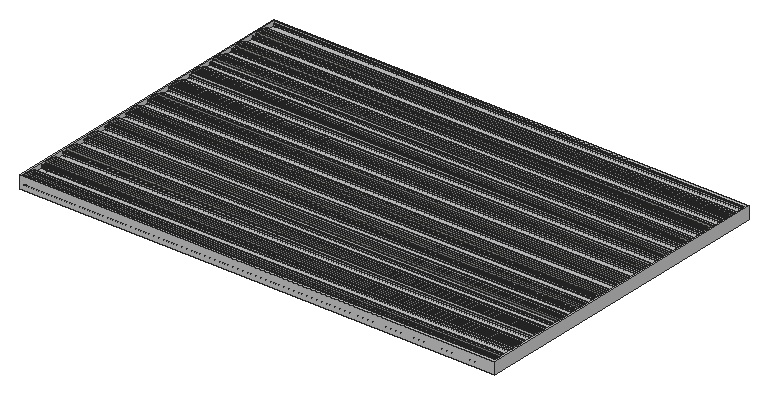
Revit family "Flooring_Entrance_Fuma_TopCleanTrend-Mit-Rips-Und-Bürstenproifl_DE", category Allgemeines Modell, Revit 2018
Family settings
  Kann Basisbauteil für Bewehrung sein = Nein
  Bemaßung runder Anschluss = Durchmesser verwenden
  Teiletyp = Normal
  Arbeitsebenenbasiert = Nein
  Immer vertikal = Ja
  Beim Laden mit Abzugskörper schneiden = Nein
  Gemeinsam genutzt = Nein
  Raumberechnungspunkt = Nein
Parameters (values of type "Teppichlänge 27 mm")
  Telefon = " +49 7248 450 73 0\r\n"  # constant formula
  Technische Daten = "https://www.fuma.com/produkte/eingangsmatten/aluprofilmatten/top-clean-trend"
  Rips = Polypropylen - Fuma - Rips
  Produktinformation = "Für Fußböden aus edlen Materialien wie Marmor, Granit und Parkett ist dieses Mattensystem eine Empfehlung. Das breite Bürstenprofil hat die schützende Eigenschaft, kleinste Partikel aus Schuhsohlen zu entfernen. Somit wird eine Beschädigung von Bodenbelägen verhindert. Hoher Reinigungseffekt in Kombination mit Rips. Schalldämmend, maßhaltig, aufrollbar und leicht zu reinigen. Anfertigung in jeder Breite und Tiefe. Sonderformen gegen Aufpreis"
  Product Avaibility = "weltweit"  # constant formula
  Modell-Nr = "12225 RP"
  Maximale Belastung = "keine Beschränkung"
  Hersteller Land = "Deutschland"  # constant formula
  Minimale Teppichlänge = 300 mm  # constant formula
  Maximale Teppichlänge = 10000 mm  # constant formula
  Länge des Teppichs = 1200 mm
  Minimale Teppichbreite = 300 mm  # constant formula
  Maximale Teppichbreite = 10000 mm  # constant formula
  Edition number = 2
  Breite des Teppichs = 800 mm
  Grosse Denier = no
  Rahmen Material = "Aluminium oder Edelstahl"
  Feine Leugner = yes
  Beginn des Pinsels = Angepasste Wiederholung / 2  # 33.267 mm
  Farbe = "Ripsfarben: - 010 anthrazit - 020 hellgrau  - 030 beige-meliert - 040 blau-meliert - Sonderfarben auf Anfrage - Farben Bürstenprofil:  - schwarz - grau"
  Bürstenprofil = Polyamid - Fuma - Bürstenprofil
  Anschrift = "Reutäckerstraße 9, 76307 Karlsbad, DE"  # constant formula
  Abstandseinstellung = (Breite des aktuellen Teppichs - (Anzahl der aktuellen Profile * Versuchswiederholung)) / Anzahl der aktuellen Profile * 0.8  # 0.533 mm
  Versuchswiederholung = 2 * (Profilbreite + Abstand zwischen den Profilen 4 6 oder 8mm)  # 66 mm
  URL = "https://www.fuma.com/"
  Type Comments = ""
  Tiefen Teppich = 5 mm
  Angepasste Wiederholung = Versuchswiederholung + Abstandseinstellung  # 66.533 mm
  Anzahl der aktuellen Profile = rounddown(Breite des aktuellen Teppichs / Versuchswiederholung)  # 12
  Modell = "TopCleanTrend® mit Rips und Bürstenprofil"
  Hersteller = "fuma Hauszubehör GmbH"  # constant formula
  Aktuelle Länge = Aktuelle Teppichlänge - (Dicke des Rahmenprofils + 2 mm) * 2  # 1190 mm
  Aktuelle Teppichlänge = if(Länge des Teppichs < Minimale Teppichlänge, Minimale Teppichlänge, if(Länge des Teppichs > Maximale Teppichlänge, Maximale Teppichlänge, Länge des Teppichs))  # 1200 mm
  Profil = Aluminum - Fuma - Grun
  Breite des Rahmenprofils = (Profilbreite + Abstand zwischen den Profilen 4 6 oder 8mm) / 2  # 16.5 mm
  Profilbreite = 27 mm
  Aktuelle Breite = Anzahl der aktuellen Profile * Angepasste Wiederholung + 2 mm  # 800.4 mm
  Breite des aktuellen Teppichs = if(Breite des Teppichs < Minimale Teppichbreite, Minimale Teppichbreite, if(Breite des Teppichs > Maximale Teppichbreite, Maximale Teppichbreite, Breite des Teppichs))  # 800 mm
  Rahmenhöhe = 30 mm
  Dicke des Teppichs = 27 mm
  Dicke des Rahmenprofils = 3 mm  # constant formula
  E-mail = "info@fuma.com"  # constant formula
  Abstand zwischen den Profilen 4 6 oder 8mm = 6 mm
  Entfernungsprofil = 23 mm
  Description = ""
  Gummiprofil = Gummiprofil - Fuma
Reference planes
  plane 1 "Center (Front/Back)": y = 0
  plane 2: z = 0
  plane 3 "Center (Left/Right)": x = 0
  plane 4: y = 800
  plane 5: x = 1200
Forms (mm)
  Sweep 1, solid, material "Aluminum - Fuma - Grun" <- "Profil"
    path origin (0, 0, 0) x (1, 0, 0) y (0, 1, 0)
      loop
        line (0, 800) -> (0, 0) -> (1200, 0) -> (1200, 800) -> (0, 800)
    profile origin (600, 800, 0) x (0, 1, 0) y (0, 0, 1)
      loop
        line (0, -3) -> (0, 27) -> (-3, 27) -> (-3, 0) -> (-16.5, 0) -> (-16.5, -3) -> (0, -3)
Dimensions and locks
  equal spacing: group 1, group 2, group 3, group 4, group 9, group 10, group 11, group 12, group 13, group 14, group 15, group 16  (x3)
  "Aktuelle Teppichlänge": plane 5 to plane 3 "Center (Left/Right)"
  "Breite des aktuellen Teppichs": plane 4 to plane 1 "Center (Front/Back)"
  "Dicke des Rahmenprofils": Sweep 1 sketch curve to Sweep 1 sketch curve  (x2)
  "Rahmenhöhe": Sweep 1 sketch curve to Sweep 1 sketch curve
  "Breite des Rahmenprofils": Sweep 1 sketch curve to Sweep 1 sketch curve
  locked: plane 1 "Center (Front/Back)" to nested 1 at 4
  "Angepasste Wiederholung": nested 1 to nested 2
  equal spacing: group 5, group 6, group 7, group 8, group 17, group 18, group 19, group 20, group 21, group 22, group 23, group 24  (x3)
  "Angepasste Wiederholung": nested 6 to nested 5
  "Beginn des Pinsels": nested 5 to nested 1
  aligned and locked: Sweep 1 sketch curve to plane 5
  aligned and locked: plane 3 "Center (Left/Right)" to Sweep 1 sketch curve
  aligned and locked: Sweep 1 sketch curve to plane 4
  aligned and locked: Sweep 1 sketch curve to plane 1 "Center (Front/Back)"
Automatic sketch dimensions
  Sweep 1 sketch curve to level = 0 mm
  Sweep 1 sketch curve to profile plane = 0 mm
Nested families
  nested 1: "Ribbed Carpet" at (4, 17.472, 0), type "Ribbed Carpet"
  nested 2: "Ribbed Carpet" at (4, 84.005, 0), type "Ribbed Carpet"
  nested 3: "Ribbed Carpet" at (4, 150.539, 0), type "Ribbed Carpet"
  nested 4: "Ribbed Carpet" at (4, 217.072, 0), type "Ribbed Carpet"
  nested 5: "Cassette Brush" at (4, 50.739, 0), type "Cassette Brush"
  nested 6: "Cassette Brush" at (4, 117.272, 0), type "Cassette Brush"
  nested 7: "Cassette Brush" at (4, 183.805, 0), type "Cassette Brush"
  nested 8: "Cassette Brush" at (4, 250.339, 0), type "Cassette Brush"
  nested 9: "Ribbed Carpet" at (4, 283.605, 0), type "Ribbed Carpet"
  nested 10: "Ribbed Carpet" at (4, 350.139, 0), type "Ribbed Carpet"
  nested 11: "Ribbed Carpet" at (4, 416.672, 0), type "Ribbed Carpet"
  nested 12: "Ribbed Carpet" at (4, 483.205, 0), type "Ribbed Carpet"
  nested 13: "Ribbed Carpet" at (4, 549.739, 0), type "Ribbed Carpet"
  nested 14: "Ribbed Carpet" at (4, 616.272, 0), type "Ribbed Carpet"
  nested 15: "Ribbed Carpet" at (4, 682.805, 0), type "Ribbed Carpet"
  nested 16: "Ribbed Carpet" at (4, 749.339, 0), type "Ribbed Carpet"
  nested 17: "Cassette Brush" at (4, 316.872, 0), type "Cassette Brush"
  nested 18: "Cassette Brush" at (4, 383.405, 0), type "Cassette Brush"
  nested 19: "Cassette Brush" at (4, 449.939, 0), type "Cassette Brush"
  nested 20: "Cassette Brush" at (4, 516.472, 0), type "Cassette Brush"
  nested 21: "Cassette Brush" at (4, 583.005, 0), type "Cassette Brush"
  nested 22: "Cassette Brush" at (4, 649.539, 0), type "Cassette Brush"
  nested 23: "Cassette Brush" at (4, 716.072, 0), type "Cassette Brush"
  nested 24: "Cassette Brush" at (4, 782.605, 0), type "Cassette Brush"
Definition of nested family "Ribbed Carpet"
  Parameters (values of type "Top Clean Profile")
    Trend 42 = Hauteur = 42 mm  # no
    Trend 27 = Hauteur = 27 mm  # no
    Trend 22 = Hauteur = 22 mm  # no
    Trend 17 = Hauteur = 17 mm  # no
    Trend 13 = Hauteur = 13 mm  # no
    Trend 10 = Hauteur = 10 mm  # yes
    URL = "https://www.geggus.fr/"
    Profondeur Tapis = 2.8 mm
    Model = "Top Clean TREND®"
    Manufacturer = "Geggus"
    Longueur = 1190 mm
    Profile = none
    Hauteur = 10 mm
    Gros deniers = yes
    Fins deniers = no
    Distance profil = 10.2 mm
    Caoutchouc = none
    Brosse = none
  Reference planes
    plane 1 "Center (Front/Back)": y = 0
    plane 2: z = 0
    plane 3 "Center (Left/Right)": x = 0
    plane 4: z = 10.2
    plane 5: z = 7.4
    plane 6: z = 7.4
    plane 7: z = 10.2
  Forms (mm)
    Extrusion 1, solid, material <- "Profile", visible <- "Trend 17"
      sketch origin (0, 0, 0) x (0, 1, 0) y (0, 0, 1)
        loop
          line (12.528, 9.5) -> (-12.472, 9.5) -> (-12.472, 6.7) -> (12.528, 6.7) -> (12.528, 9.5)
        loop
          line (12.028, 10.5) -> (-11.972, 10.5) -> (-11.972, 13.5) -> (-10.982, 13.5) -> (-10.982, 14.5) -> (-13.472, 14.5) -> (-13.472, 2) -> (-11.175, 2) -> (-11.175, 3) -> (-12.472, 3) -> (-12.472, 5.5) -> (-7.372, 5.5) -> (-7.372, 3) -> (-8.681, 3) -> (-8.681, 2) -> (-6.372, 2) -> (-6.372, 5.5) -> (6.428, 5.5) -> (6.428, 2) -> (8.737, 2) -> (8.737, 3) -> (7.428, 3) -> (7.428, 5.5) -> (12.528, 5.5) -> (12.528, 3) -> (11.231, 3) -> (11.231, 2) -> (13.528, 2) -> (13.528, 14.5) -> (11.038, 14.5) -> (11.038, 13.5) -> (12.028, 13.5) -> (12.028, 10.5)
      from 0 to 1190 <- "Longueur"
    Extrusion 2, solid, material <- "Caoutchouc"
      sketch origin (0, -9.881, 7.713) x (0, -1, 0) y (0, 0, -1)
        loop
          line (1.319, 5.713) -> (2.983, 5.713)
          arc (2.983, 5.713) -> (3.327, 5.932) -> (3.274, 6.337) r 0.38
          line (3.274, 6.337) -> (2.119, 7.713) -> (-1.881, 7.713) -> (-3.035, 6.337)
          arc (-3.035, 6.337) -> (-3.088, 5.932) -> (-2.744, 5.713) r 0.38
          line (-2.744, 5.713) -> (-1.081, 5.713) -> (-1.081, 4.76) -> (-1.866, 4.377)
          arc (-1.866, 4.377) -> (-2.114, 3.98) -> (-1.866, 3.583) r 0.442
          line (-1.866, 3.583) -> (-0.765, 3.046)
          arc (-0.765, 3.046) -> (0.119, 2.842) -> (1.004, 3.046) r 2.019
          line (1.004, 3.046) -> (2.105, 3.583)
          arc (2.105, 3.583) -> (2.353, 3.98) -> (2.105, 4.377) r 0.442
          line (2.105, 4.377) -> (1.319, 4.76) -> (1.319, 5.713)
        loop
          line (-21.081, 5.713) -> (-21.081, 4.76) -> (-21.866, 4.377)
          arc (-21.866, 4.377) -> (-22.114, 3.98) -> (-21.866, 3.583) r 0.442
          line (-21.866, 3.583) -> (-20.765, 3.046)
          arc (-20.765, 3.046) -> (-19.881, 2.842) -> (-18.996, 3.046) r 2.019
          line (-18.996, 3.046) -> (-17.895, 3.583)
          arc (-17.895, 3.583) -> (-17.647, 3.98) -> (-17.895, 4.377) r 0.442
          line (-17.895, 4.377) -> (-18.681, 4.76) -> (-18.681, 5.713) -> (-17.017, 5.713)
          arc (-17.017, 5.713) -> (-16.673, 5.932) -> (-16.726, 6.337) r 0.38
          line (-16.726, 6.337) -> (-17.881, 7.713) -> (-21.881, 7.713) -> (-23.035, 6.337)
          arc (-23.035, 6.337) -> (-23.088, 5.932) -> (-22.744, 5.713) r 0.38
          line (-22.744, 5.713) -> (-21.081, 5.713)
      from 0 to 1190 <- "Longueur"
    Extrusion 3, solid, material <- "Brosse", visible <- "Gros deniers"
      sketch origin (0, 0.264, 37.152) x (0, 1, 0) y (0, 0, 1)
        loop
          arc (11.75, -27.533) -> (11.58, -27.122) -> (11.169, -26.952) r 0.581
          line (11.169, -26.952) -> (9.75, -26.952) -> (9.992, -26.206)
          arc (9.992, -26.206) -> (7.6, -22.913) -> (5.208, -26.206) r 2.516
          line (5.208, -26.206) -> (5.45, -26.952) -> (1.89, -26.952) -> (2.132, -26.206)
          arc (2.132, -26.206) -> (-0.26, -22.913) -> (-2.652, -26.206) r 2.516
          line (-2.652, -26.206) -> (-2.41, -26.952) -> (-5.95, -26.952) -> (-5.708, -26.206)
          arc (-5.708, -26.206) -> (-8.1, -22.913) -> (-10.492, -26.206) r 2.516
          line (-10.492, -26.206) -> (-10.25, -26.952) -> (-11.607, -26.952)
          arc (-11.607, -26.952) -> (-12.062, -27.14) -> (-12.25, -27.595) r 0.643
          line (-12.25, -27.595) -> (-12.25, -29.149)
          arc (-12.25, -29.149) -> (-12.073, -29.576) -> (-11.647, -29.752) r 0.603
          line (-11.647, -29.752) -> (11.12, -29.752)
          arc (11.12, -29.752) -> (11.566, -29.568) -> (11.75, -29.122) r 0.63
          line (11.75, -29.122) -> (11.75, -27.533)
      from 0 to 1190 <- "Longueur"
    Extrusion 4, solid, material <- "Brosse", visible <- "Fins deniers"
      sketch origin (0, 0.014, 25.086) x (0, 1, 0) y (0, 0, 1)
        loop
          line (11.75, -14.886) -> (10.022, -14.886) -> (10.288, -13.376)
          arc (10.288, -13.376) -> (8.35, -10.881) -> (6.412, -13.376) r 2
          line (6.412, -13.376) -> (6.678, -14.886) -> (4.472, -14.886) -> (4.738, -13.376)
          arc (4.738, -13.376) -> (2.8, -10.881) -> (0.862, -13.376) r 2
          line (0.862, -13.376) -> (1.128, -14.886) -> (-1.128, -14.886) -> (-0.862, -13.376)
          arc (-0.862, -13.376) -> (-2.8, -10.881) -> (-4.738, -13.376) r 2
          line (-4.738, -13.376) -> (-4.472, -14.886) -> (-6.678, -14.886) -> (-6.412, -13.376)
          arc (-6.412, -13.376) -> (-8.35, -10.881) -> (-10.288, -13.376) r 2
          line (-10.288, -13.376) -> (-10.022, -14.886) -> (-11.75, -14.886) -> (-11.75, -17.686) -> (11.75, -17.686) -> (11.75, -14.886)
      from 0 to 1190 <- "Longueur"
    Extrusion 5, solid, material <- "Profile", visible <- "Trend 22"
      sketch origin (0, 0.25, 15.623) x (0, 1, 0) y (0, 0, 1)
        loop
          line (8.549, -13.623) -> (8.549, -12.67) -> (7.498, -12.67) -> (7.498, -9.628) -> (12.25, -9.628) -> (12.25, -12.67) -> (10.95, -12.67) -> (10.95, -13.623) -> (12.563, -13.623)
          arc (12.563, -13.623) -> (13.049, -13.422) -> (13.25, -12.937) r 0.687
          line (13.25, -12.937) -> (13.25, 3.375) -> (13, 2.442) -> (12.75, 3.375) -> (12.508, 2.472) -> (12.249, 3.374) -> (12, 2.504) -> (11.75, 3.375)
          arc (11.75, 3.375) -> (11.003, 2.872) -> (11.75, 2.37) r 0.542
          line (11.75, 2.37) -> (11.75, -2.619) -> (-12.25, -2.619) -> (-12.25, 2.37)
          arc (-12.25, 2.37) -> (-11.503, 2.872) -> (-12.25, 3.375) r 0.542
          line (-12.25, 3.375) -> (-12.5, 2.504) -> (-12.749, 3.374) -> (-13.008, 2.472) -> (-13.25, 3.375) -> (-13.5, 2.442) -> (-13.75, 3.375) -> (-13.75, -12.937)
          arc (-13.75, -12.937) -> (-13.549, -13.422) -> (-13.063, -13.623) r 0.687
          line (-13.063, -13.623) -> (-11.45, -13.623) -> (-11.45, -12.67) -> (-12.75, -12.67) -> (-12.75, -9.628) -> (-7.998, -9.628) -> (-7.998, -12.67) -> (-9.049, -12.67) -> (-9.049, -13.623) -> (-6.75, -13.623) -> (-6.75, -9.628) -> (6.25, -9.628) -> (6.25, -13.623) -> (8.549, -13.623)
        loop
          arc (11.684, -8.63) -> (12.084, -8.464) -> (12.25, -8.063) r 0.566
          line (12.25, -8.063) -> (12.25, -4.232)
          arc (12.25, -4.232) -> (12.074, -3.807) -> (11.65, -3.632) r 0.6
          line (11.65, -3.632) -> (-12.19, -3.632)
          arc (-12.19, -3.632) -> (-12.586, -3.796) -> (-12.75, -4.191) r 0.56
          line (-12.75, -4.191) -> (-12.75, -8.023)
          arc (-12.75, -8.023) -> (-12.572, -8.452) -> (-12.144, -8.63) r 0.606
          line (-12.144, -8.63) -> (11.684, -8.63)
      from 0 to 1190 <- "Longueur"
    Extrusion 6, solid, material <- "Profile", visible <- "Trend 27"
      sketch origin (0, -0.028, 0) x (0, 1, 0) y (0, 0, 1)
        loop
          line (11.028, 16.864) -> (-10.972, 16.864)
          arc (-10.972, 16.864) -> (-11.679, 16.571) -> (-11.972, 15.864) r 1
          line (-11.972, 15.864) -> (-11.972, 8.201)
          arc (-11.972, 8.201) -> (-11.679, 7.494) -> (-10.972, 7.201) r 1
          line (-10.972, 7.201) -> (11.028, 7.201)
          arc (11.028, 7.201) -> (11.735, 7.494) -> (12.028, 8.201) r 1
          line (12.028, 8.201) -> (12.028, 15.864)
          arc (12.028, 15.864) -> (11.735, 16.571) -> (11.028, 16.864) r 1
        loop
          line (12.028, 18.021) -> (-11.972, 18.021) -> (-11.972, 23.003) -> (-10.982, 23.003) -> (-10.982, 24.003) -> (-13.472, 24.003) -> (-13.472, 2) -> (-11.175, 2) -> (-11.175, 3) -> (-12.472, 3) -> (-12.472, 5.966) -> (-7.372, 5.966) -> (-7.372, 3) -> (-8.681, 3) -> (-8.681, 2) -> (-6.372, 2) -> (-6.372, 5.966) -> (6.428, 5.966) -> (6.428, 2) -> (8.737, 2) -> (8.737, 3) -> (7.428, 3) -> (7.428, 5.966) -> (12.528, 5.966) -> (12.528, 3) -> (11.231, 3) -> (11.231, 2) -> (13.528, 2) -> (13.528, 24.003) -> (11.038, 24.003) -> (11.038, 23.003) -> (12.028, 23.003) -> (12.028, 18.021)
      from 0 to 1190 <- "Longueur"
    Extrusion 7, solid, material <- "Profile", visible <- "Trend 10"
      sketch origin (0, 0, 8.025) x (0, 1, 0) y (0, 0, 1)
        loop
          line (8.804, -6.025) -> (8.804, -5.072) -> (7.498, -5.072) -> (7.498, -2.031) -> (12.498, -2.031) -> (12.498, -5.072) -> (11.204, -5.072) -> (11.204, -6.025) -> (12.626, -6.025)
          arc (12.626, -6.025) -> (13.263, -5.761) -> (13.527, -5.124) r 0.902
          line (13.527, -5.124) -> (13.527, 2.339)
          arc (13.527, 2.339) -> (13.624, 2.92) -> (13.25, 3.375) r 0.711
          line (13.25, 3.375) -> (13, 2.442) -> (12.75, 3.375) -> (12.508, 2.472) -> (12.249, 3.374) -> (12, 2.504) -> (11.75, 3.375)
          arc (11.75, 3.375) -> (11.003, 2.872) -> (11.75, 2.37) r 0.542
          line (11.75, 2.37) -> (11.75, -0.638) -> (-11.75, -0.638) -> (-11.75, 2.37)
          arc (-11.75, 2.37) -> (-11.003, 2.872) -> (-11.75, 3.375) r 0.542
          line (-11.75, 3.375) -> (-12, 2.504) -> (-12.249, 3.374) -> (-12.508, 2.472) -> (-12.75, 3.375) -> (-13, 2.442) -> (-13.25, 3.375)
          arc (-13.25, 3.375) -> (-13.624, 2.92) -> (-13.527, 2.339) r 0.711
          line (-13.527, 2.339) -> (-13.527, -5.124)
          arc (-13.527, -5.124) -> (-13.263, -5.761) -> (-12.626, -6.025) r 0.902
          line (-12.626, -6.025) -> (-11.204, -6.025) -> (-11.204, -5.072) -> (-12.498, -5.072) -> (-12.498, -2.031) -> (-7.498, -2.031) -> (-7.498, -5.072) -> (-8.804, -5.072) -> (-8.804, -6.025) -> (8.804, -6.025)
        loop
          line (-5.764, -5.072) -> (5.764, -5.072)
          arc (5.764, -5.072) -> (6.289, -4.855) -> (6.506, -4.329) r 0.743
          line (6.506, -4.329) -> (6.506, -2.723)
          arc (6.506, -2.723) -> (6.303, -2.233) -> (5.814, -2.031) r 0.692
          line (5.814, -2.031) -> (-5.814, -2.031)
          arc (-5.814, -2.031) -> (-6.303, -2.233) -> (-6.506, -2.723) r 0.692
          line (-6.506, -2.723) -> (-6.506, -4.329)
          arc (-6.506, -4.329) -> (-6.289, -4.855) -> (-5.764, -5.072) r 0.743
      from 0 to 1190 <- "Longueur"
  Dimensions and locks
    "Profondeur Tapis": plane 5 to plane 4
    "Distance profil": level to plane 4
    "Profondeur Tapis": plane 6 to plane 7
    "Distance profil": plane 7 to level
    aligned and locked: plane 4 to Extrusion 4 sketch curve
    aligned and locked: Extrusion 4 sketch curve to Extrusion 4 sketch curve  (x4)
    aligned and locked: plane 6 to Extrusion 3 sketch curve
    aligned and locked: plane 7 to Extrusion 3 sketch curve
    aligned and locked: Extrusion 3 sketch curve to Extrusion 3 sketch curve  (x3)
  Automatic sketch dimensions
    plane 1 "Center (Front/Back)" to Extrusion 1 sketch curve = 13.472 mm
    Extrusion 1 sketch curve to Extrusion 1 sketch curve = 1 mm  (x12)
    Extrusion 1 sketch curve to Extrusion 1 sketch curve = 0.5 mm  (x2)
    Extrusion 1 sketch curve to Extrusion 1 sketch curve = 1.297 mm
    Extrusion 1 sketch curve to Extrusion 1 sketch curve = 0.99 mm  (x2)
    Extrusion 1 sketch curve to Extrusion 1 sketch curve = 2.495 mm  (x2)
    Extrusion 1 sketch curve to Extrusion 1 sketch curve = 1.309 mm  (x2)
    level to Extrusion 1 sketch curve = 2 mm  (x4)
    Extrusion 1 sketch curve to plane 1 "Center (Front/Back)" = 6.428 mm
    Extrusion 1 sketch curve to Extrusion 1 sketch curve = 3.61 mm
    Extrusion 1 sketch curve to Extrusion 1 sketch curve = 0 mm  (x3)
    Extrusion 1 sketch curve to Extrusion 1 sketch curve = 2.5 mm
    Extrusion 1 sketch curve to Extrusion 1 sketch curve = 1.2 mm
    Extrusion 1 sketch curve to Extrusion 1 sketch curve = 2.8 mm
    Extrusion 1 sketch curve to Extrusion 1 sketch curve = 3 mm  (x2)
    Extrusion 2 sketch curve to level = 0 mm  (x2)
    level to Extrusion 2 sketch curve = 1.376 mm  (x4)
    Extrusion 2 sketch curve to plane 1 "Center (Front/Back)" = 13.155 mm
    Extrusion 2 sketch curve to Extrusion 2 sketch curve = 0.291 mm  (x4)
    Extrusion 2 sketch curve to Extrusion 2 sketch curve = 1.155 mm  (x2)
    level to Extrusion 2 sketch curve = 4.13 mm  (x3)
    Extrusion 2 sketch curve to Extrusion 2 sketch curve = 0.878 mm  (x3)
    Extrusion 2 sketch curve to Extrusion 2 sketch curve = 0.194 mm  (x7)
    Extrusion 2 sketch curve to Extrusion 2 sketch curve = 0.592 mm  (x3)
    level to Extrusion 2 sketch curve = 4.667 mm  (x3)
    Extrusion 2 sketch curve to Extrusion 2 sketch curve = 1.1 mm  (x2)
    Extrusion 2 sketch curve to Extrusion 2 sketch curve = 1.2 mm  (x4)
    level to Extrusion 2 sketch curve = 2.953 mm  (x2)
    level to Extrusion 2 sketch curve = 3.336 mm  (x4)
    Extrusion 2 sketch curve to Extrusion 2 sketch curve = 0.8 mm  (x2)
    plane 1 "Center (Front/Back)" to Extrusion 2 sketch curve = 6.845 mm
    Extrusion 2 sketch curve to Extrusion 2 sketch curve = 0 mm
    Extrusion 2 sketch curve to Extrusion 2 sketch curve = 0.785 mm
    Extrusion 2 sketch curve to Extrusion 2 sketch curve = 1.77 mm
    Extrusion 2 sketch curve to Extrusion 2 sketch curve = 1.664 mm
    Extrusion 2 sketch curve to Extrusion 2 sketch curve = 0.794 mm
    Extrusion 2 sketch curve to Extrusion 2 sketch curve = 0.397 mm  (x2)
    Extrusion 2 sketch curve to Extrusion 2 sketch curve = 0.78 mm  (x2)
    Extrusion 2 sketch curve to Extrusion 2 sketch curve = 0.101 mm  (x2)
    Extrusion 2 sketch curve to Extrusion 2 sketch curve = 0.953 mm  (x3)
    Extrusion 2 sketch curve to Extrusion 2 sketch curve = 0.624 mm
    plane 1 "Center (Front/Back)" to Extrusion 5 sketch curve = 13.5 mm
    Extrusion 5 sketch curve to Extrusion 5 sketch curve = 0.25 mm  (x2)
    Extrusion 5 sketch curve to Extrusion 5 sketch curve = 0.5 mm  (x3)
    Extrusion 5 sketch curve to Extrusion 5 sketch curve = 0.687 mm
    Extrusion 5 sketch curve to Extrusion 5 sketch curve = 0.492 mm  (x2)
    Extrusion 5 sketch curve to Extrusion 5 sketch curve = 0.258 mm
    Extrusion 5 sketch curve to Extrusion 5 sketch curve = 0.313 mm  (x2)
    Extrusion 5 sketch curve to Extrusion 5 sketch curve = 0.501 mm  (x2)
    Extrusion 5 sketch curve to Extrusion 5 sketch curve = 0.508 mm  (x2)
    Extrusion 5 sketch curve to Extrusion 5 sketch curve = 0.499 mm  (x2)
    Extrusion 5 sketch curve to Extrusion 5 sketch curve = 0.56 mm
    Extrusion 5 sketch curve to Extrusion 5 sketch curve = 0.606 mm
    Extrusion 5 sketch curve to Extrusion 5 sketch curve = 0.205 mm  (x2)
    Extrusion 5 sketch curve to Extrusion 5 sketch curve = 1.3 mm  (x2)
    Extrusion 5 sketch curve to Extrusion 5 sketch curve = 2.401 mm  (x2)
    Extrusion 5 sketch curve to Extrusion 5 sketch curve = 1.051 mm  (x2)
    Extrusion 5 sketch curve to Extrusion 5 sketch curve = 1.248 mm  (x2)
    Extrusion 5 sketch curve to plane 1 "Center (Front/Back)" = 6.5 mm
    Extrusion 5 sketch curve to plane 1 "Center (Front/Back)" = 11.795 mm
    Extrusion 5 sketch curve to Extrusion 5 sketch curve = 0.105 mm
    Extrusion 5 sketch curve to Extrusion 5 sketch curve = 0.034 mm
    Extrusion 5 sketch curve to Extrusion 5 sketch curve = 0.1 mm
    Extrusion 5 sketch curve to Extrusion 5 sketch curve = 0.6 mm
    level to Extrusion 5 sketch curve = 2 mm
    Extrusion 5 sketch curve to Extrusion 5 sketch curve = 0 mm  (x6)
    Extrusion 5 sketch curve to Extrusion 5 sketch curve = 0.953 mm  (x3)
    Extrusion 5 sketch curve to Extrusion 5 sketch curve = 0.267 mm
    Extrusion 5 sketch curve to Extrusion 5 sketch curve = 3.042 mm  (x2)
    Extrusion 5 sketch curve to Extrusion 5 sketch curve = 0.999 mm
    Extrusion 5 sketch curve to Extrusion 5 sketch curve = 3.832 mm
    Extrusion 5 sketch curve to Extrusion 5 sketch curve = 1.013 mm
    Extrusion 5 sketch curve to Extrusion 5 sketch curve = 4.989 mm  (x2)
    Extrusion 5 sketch curve to Extrusion 5 sketch curve = 0.071 mm  (x2)
    Extrusion 5 sketch curve to Extrusion 5 sketch curve = 0.03 mm  (x2)
    Extrusion 5 sketch curve to Extrusion 5 sketch curve = 0.133 mm  (x2)
    Extrusion 5 sketch curve to Extrusion 5 sketch curve = 0.502 mm  (x2)
    Extrusion 5 sketch curve to Extrusion 5 sketch curve = 0.001 mm  (x3)
    Extrusion 5 sketch curve to Extrusion 5 sketch curve = 0.933 mm
    plane 1 "Center (Front/Back)" to Extrusion 6 sketch curve = 13.5 mm
    Extrusion 6 sketch curve to Extrusion 6 sketch curve = 1 mm  (x13)
    Extrusion 6 sketch curve to Extrusion 6 sketch curve = 0.5 mm
    Extrusion 6 sketch curve to Extrusion 6 sketch curve = 0 mm  (x7)
    Extrusion 6 sketch curve to Extrusion 6 sketch curve = 1.297 mm
    Extrusion 6 sketch curve to Extrusion 6 sketch curve = 0.99 mm  (x2)
    Extrusion 6 sketch curve to Extrusion 6 sketch curve = 2.495 mm  (x2)
    Extrusion 6 sketch curve to Extrusion 6 sketch curve = 1.309 mm  (x2)
    Extrusion 6 sketch curve to Extrusion 6 sketch curve = 12.8 mm
    Extrusion 6 sketch curve to Extrusion 6 sketch curve = 3.6 mm
    Extrusion 6 sketch curve to Extrusion 6 sketch curve = 0.01 mm
    Extrusion 6 sketch curve to Extrusion 6 sketch curve = 1.5 mm
    level to Extrusion 6 sketch curve = 2 mm
    Extrusion 6 sketch curve to Extrusion 6 sketch curve = 2.966 mm
    Extrusion 6 sketch curve to Extrusion 6 sketch curve = 1.236 mm
    Extrusion 6 sketch curve to Extrusion 6 sketch curve = 7.663 mm
    Extrusion 6 sketch curve to Extrusion 6 sketch curve = 1.157 mm
    Extrusion 6 sketch curve to Extrusion 6 sketch curve = 4.982 mm  (x2)
    level to Extrusion 7 sketch curve = 2.902 mm
    plane 1 "Center (Front/Back)" to Extrusion 7 sketch curve = 13.527 mm
    Extrusion 7 sketch curve to Extrusion 7 sketch curve = 0.277 mm
    Extrusion 7 sketch curve to Extrusion 7 sketch curve = 0.527 mm
    Extrusion 7 sketch curve to Extrusion 7 sketch curve = 0.062 mm  (x2)
    Extrusion 7 sketch curve to Extrusion 7 sketch curve = 0.5 mm  (x2)
    Extrusion 7 sketch curve to Extrusion 7 sketch curve = 0.902 mm  (x2)
    Extrusion 7 sketch curve to Extrusion 7 sketch curve = 0.492 mm
    Extrusion 7 sketch curve to Extrusion 7 sketch curve = 0.128 mm  (x2)
    Extrusion 7 sketch curve to Extrusion 7 sketch curve = 0.501 mm  (x2)
    Extrusion 7 sketch curve to Extrusion 7 sketch curve = 0.508 mm  (x2)
    Extrusion 7 sketch curve to Extrusion 7 sketch curve = 0.748 mm
    Extrusion 7 sketch curve to Extrusion 7 sketch curve = 0.499 mm  (x2)
    Extrusion 7 sketch curve to Extrusion 7 sketch curve = 0.205 mm  (x3)
    Extrusion 7 sketch curve to Extrusion 7 sketch curve = 1.422 mm
    Extrusion 7 sketch curve to Extrusion 7 sketch curve = 2.4 mm  (x2)
    Extrusion 7 sketch curve to Extrusion 7 sketch curve = 1.306 mm  (x2)
    Extrusion 7 sketch curve to Extrusion 7 sketch curve = 0.992 mm  (x2)
    Extrusion 7 sketch curve to Extrusion 7 sketch curve = 0.692 mm  (x2)
    Extrusion 7 sketch curve to Extrusion 7 sketch curve = 0.743 mm  (x3)
    Extrusion 7 sketch curve to plane 1 "Center (Front/Back)" = 5.764 mm
    Extrusion 7 sketch curve to Extrusion 7 sketch curve = 0.05 mm
    Extrusion 7 sketch curve to Extrusion 7 sketch curve = 4.047 mm
    Extrusion 7 sketch curve to Extrusion 7 sketch curve = 0.25 mm
    Extrusion 7 sketch curve to Extrusion 7 sketch curve = 1.294 mm
    Extrusion 7 sketch curve to Extrusion 7 sketch curve = 0.43 mm
    level to Extrusion 7 sketch curve = 2 mm  (x2)
    Extrusion 7 sketch curve to Extrusion 7 sketch curve = 0.953 mm  (x3)
    level to Extrusion 7 sketch curve = 2.953 mm
    Extrusion 7 sketch curve to Extrusion 7 sketch curve = 1.606 mm
    Extrusion 7 sketch curve to Extrusion 7 sketch curve = 3.042 mm
    Extrusion 7 sketch curve to Extrusion 7 sketch curve = 1.393 mm
    Extrusion 7 sketch curve to Extrusion 7 sketch curve = 2.977 mm  (x2)
    Extrusion 7 sketch curve to Extrusion 7 sketch curve = 0.031 mm  (x2)
    Extrusion 7 sketch curve to Extrusion 7 sketch curve = 0.102 mm  (x2)
    Extrusion 7 sketch curve to Extrusion 7 sketch curve = 0.03 mm  (x2)
    Extrusion 7 sketch curve to Extrusion 7 sketch curve = 0.133 mm  (x2)
    Extrusion 7 sketch curve to Extrusion 7 sketch curve = 0.295 mm  (x2)
    Extrusion 7 sketch curve to Extrusion 7 sketch curve = 0.502 mm  (x2)
    Extrusion 7 sketch curve to Extrusion 7 sketch curve = 0.001 mm  (x2)
    Extrusion 7 sketch curve to Extrusion 7 sketch curve = 0 mm  (x2)
    plane 7 to Extrusion 3 sketch curve = 0.643 mm
    plane 1 "Center (Front/Back)" to Extrusion 3 sketch curve = 11.986 mm
    Extrusion 3 sketch curve to Extrusion 3 sketch curve = 0.603 mm
    Extrusion 3 sketch curve to plane 7 = 0.746 mm  (x6)
    Extrusion 3 sketch curve to Extrusion 3 sketch curve = 1.115 mm
    Extrusion 3 sketch curve to Extrusion 3 sketch curve = 0.242 mm  (x3)
    Extrusion 3 sketch curve to Extrusion 3 sketch curve = 2.392 mm  (x2)
    Extrusion 3 sketch curve to Extrusion 3 sketch curve = 2.15 mm  (x2)
    plane 1 "Center (Front/Back)" to Extrusion 3 sketch curve = 2.389 mm
    Extrusion 3 sketch curve to plane 1 "Center (Front/Back)" = 0.003 mm
    Extrusion 3 sketch curve to plane 1 "Center (Front/Back)" = 2.153 mm
    Extrusion 3 sketch curve to Extrusion 3 sketch curve = 3.075 mm
    Extrusion 3 sketch curve to Extrusion 3 sketch curve = 1.37 mm
    plane 7 to Extrusion 3 sketch curve = 0.581 mm
    Extrusion 3 sketch curve to Extrusion 3 sketch curve = 1.419 mm
    Extrusion 3 sketch curve to plane 7 = 1.524 mm  (x3)
    Extrusion 4 sketch curve to plane 5 = 0 mm
    plane 1 "Center (Front/Back)" to Extrusion 4 sketch curve = 11.736 mm
    Extrusion 4 sketch curve to plane 4 = 1.509 mm  (x6)
    Extrusion 4 sketch curve to Extrusion 4 sketch curve = 1.462 mm
    Extrusion 4 sketch curve to Extrusion 4 sketch curve = 0.266 mm  (x4)
    Extrusion 4 sketch curve to Extrusion 4 sketch curve = 1.938 mm  (x4)
    Extrusion 4 sketch curve to Extrusion 4 sketch curve = 1.672 mm  (x3)
    Extrusion 4 sketch curve to Extrusion 4 sketch curve = 1.674 mm  (x2)
    plane 1 "Center (Front/Back)" to Extrusion 4 sketch curve = 1.115 mm
    plane 1 "Center (Front/Back)" to Extrusion 4 sketch curve = 0.849 mm
    Extrusion 4 sketch curve to plane 1 "Center (Front/Back)" = 0.876 mm
    Extrusion 4 sketch curve to plane 1 "Center (Front/Back)" = 1.142 mm
    Extrusion 4 sketch curve to Extrusion 4 sketch curve = 1.728 mm
    Extrusion 4 sketch curve to Extrusion 4 sketch curve = 0.495 mm  (x4)
Definition of nested family "Cassette Brush"
  Parameters (values of type "Cassette Brush")
    Trend 42 = Hauteur = 42 mm  # no
    Trend 27 = Hauteur = 27 mm  # no
    Trend 22 = Hauteur = 22 mm  # no
    Trend 17 = Hauteur = 17 mm  # no
    Trend 13 = Hauteur = 13 mm  # no
    Trend 10 = Hauteur = 10 mm  # yes
    URL = "https://www.geggus.fr/"
    Profondeur Tapis = 2.8 mm
    Model = "Top Clean TREND®"
    Manufacturer = "Geggus"
    Longueur = 1190 mm
    Profile = none
    Hauteur = 10 mm
    Gros deniers = yes
    Fins deniers = no
    Distance profil = 10.2 mm
    Caoutchouc = none
    Brosse = none
  Reference planes
    plane 1 "Center (Front/Back)": y = 0
    plane 2: z = 0
    plane 3 "Center (Left/Right)": x = 0
    plane 4: z = 7.4
    plane 5: z = 10.2
  Forms (mm)
    Extrusion 1, solid, material <- "Profile", visible <- "Trend 17"
      sketch origin (0, 0, 0) x (0, 1, 0) y (0, 0, 1)
        loop
          line (12.528, 9.5) -> (-12.472, 9.5) -> (-12.472, 6.7) -> (12.528, 6.7) -> (12.528, 9.5)
        loop
          line (12.028, 10.5) -> (-11.972, 10.5) -> (-11.972, 13.5) -> (-10.982, 13.5) -> (-10.982, 14.5) -> (-13.472, 14.5) -> (-13.472, 2) -> (-11.175, 2) -> (-11.175, 3) -> (-12.472, 3) -> (-12.472, 5.5) -> (-7.372, 5.5) -> (-7.372, 3) -> (-8.681, 3) -> (-8.681, 2) -> (-6.372, 2) -> (-6.372, 5.5) -> (6.428, 5.5) -> (6.428, 2) -> (8.737, 2) -> (8.737, 3) -> (7.428, 3) -> (7.428, 5.5) -> (12.528, 5.5) -> (12.528, 3) -> (11.231, 3) -> (11.231, 2) -> (13.528, 2) -> (13.528, 14.5) -> (11.038, 14.5) -> (11.038, 13.5) -> (12.028, 13.5) -> (12.028, 10.5)
      from 0 to 1190 <- "Longueur"
    Extrusion 2, solid, material <- "Caoutchouc"
      sketch origin (0, -9.881, 7.713) x (0, -1, 0) y (0, 0, -1)
        loop
          line (1.319, 5.713) -> (2.983, 5.713)
          arc (2.983, 5.713) -> (3.327, 5.932) -> (3.274, 6.337) r 0.38
          line (3.274, 6.337) -> (2.119, 7.713) -> (-1.881, 7.713) -> (-3.035, 6.337)
          arc (-3.035, 6.337) -> (-3.088, 5.932) -> (-2.744, 5.713) r 0.38
          line (-2.744, 5.713) -> (-1.081, 5.713) -> (-1.081, 4.76) -> (-1.866, 4.377)
          arc (-1.866, 4.377) -> (-2.114, 3.98) -> (-1.866, 3.583) r 0.442
          line (-1.866, 3.583) -> (-0.765, 3.046)
          arc (-0.765, 3.046) -> (0.119, 2.842) -> (1.004, 3.046) r 2.019
          line (1.004, 3.046) -> (2.105, 3.583)
          arc (2.105, 3.583) -> (2.353, 3.98) -> (2.105, 4.377) r 0.442
          line (2.105, 4.377) -> (1.319, 4.76) -> (1.319, 5.713)
        loop
          line (-21.081, 5.713) -> (-21.081, 4.76) -> (-21.866, 4.377)
          arc (-21.866, 4.377) -> (-22.114, 3.98) -> (-21.866, 3.583) r 0.442
          line (-21.866, 3.583) -> (-20.765, 3.046)
          arc (-20.765, 3.046) -> (-19.881, 2.842) -> (-18.996, 3.046) r 2.019
          line (-18.996, 3.046) -> (-17.895, 3.583)
          arc (-17.895, 3.583) -> (-17.647, 3.98) -> (-17.895, 4.377) r 0.442
          line (-17.895, 4.377) -> (-18.681, 4.76) -> (-18.681, 5.713) -> (-17.017, 5.713)
          arc (-17.017, 5.713) -> (-16.673, 5.932) -> (-16.726, 6.337) r 0.38
          line (-16.726, 6.337) -> (-17.881, 7.713) -> (-21.881, 7.713) -> (-23.035, 6.337)
          arc (-23.035, 6.337) -> (-23.088, 5.932) -> (-22.744, 5.713) r 0.38
          line (-22.744, 5.713) -> (-21.081, 5.713)
      from 0 to 1190 <- "Longueur"
    Extrusion 3, solid, material <- "Brosse", visible <- "Gros deniers"
      sketch origin (0, 0.264, 37.152) x (0, 1, 0) y (0, 0, 1)
        loop
          arc (11.75, -27.533) -> (11.58, -27.122) -> (11.169, -26.952) r 0.581
          line (11.169, -26.952) -> (-11.607, -26.952)
          arc (-11.607, -26.952) -> (-12.062, -27.14) -> (-12.25, -27.595) r 0.643
          line (-12.25, -27.595) -> (-12.25, -29.149)
          arc (-12.25, -29.149) -> (-12.073, -29.576) -> (-11.647, -29.752) r 0.603
          line (-11.647, -29.752) -> (11.12, -29.752)
          arc (11.12, -29.752) -> (11.566, -29.568) -> (11.75, -29.122) r 0.63
          line (11.75, -29.122) -> (11.75, -27.533)
      from 0 to 1190 <- "Longueur"
    Extrusion 4, solid, material <- "Profile", visible <- "Trend 22"
      sketch origin (0, 0.25, 15.623) x (0, 1, 0) y (0, 0, 1)
        loop
          line (8.549, -13.623) -> (8.549, -12.67) -> (7.498, -12.67) -> (7.498, -9.628) -> (12.25, -9.628) -> (12.25, -12.67) -> (10.95, -12.67) -> (10.95, -13.623) -> (12.563, -13.623)
          arc (12.563, -13.623) -> (13.049, -13.422) -> (13.25, -12.937) r 0.687
          line (13.25, -12.937) -> (13.25, 3.375) -> (13, 2.442) -> (12.75, 3.375) -> (12.508, 2.472) -> (12.249, 3.374) -> (12, 2.504) -> (11.75, 3.375)
          arc (11.75, 3.375) -> (11.003, 2.872) -> (11.75, 2.37) r 0.542
          line (11.75, 2.37) -> (11.75, -2.619) -> (-12.25, -2.619) -> (-12.25, 2.37)
          arc (-12.25, 2.37) -> (-11.503, 2.872) -> (-12.25, 3.375) r 0.542
          line (-12.25, 3.375) -> (-12.5, 2.504) -> (-12.749, 3.374) -> (-13.008, 2.472) -> (-13.25, 3.375) -> (-13.5, 2.442) -> (-13.75, 3.375) -> (-13.75, -12.937)
          arc (-13.75, -12.937) -> (-13.549, -13.422) -> (-13.063, -13.623) r 0.687
          line (-13.063, -13.623) -> (-11.45, -13.623) -> (-11.45, -12.67) -> (-12.75, -12.67) -> (-12.75, -9.628) -> (-7.998, -9.628) -> (-7.998, -12.67) -> (-9.049, -12.67) -> (-9.049, -13.623) -> (-6.75, -13.623) -> (-6.75, -9.628) -> (6.25, -9.628) -> (6.25, -13.623) -> (8.549, -13.623)
        loop
          arc (11.684, -8.63) -> (12.084, -8.464) -> (12.25, -8.063) r 0.566
          line (12.25, -8.063) -> (12.25, -4.232)
          arc (12.25, -4.232) -> (12.074, -3.807) -> (11.65, -3.632) r 0.6
          line (11.65, -3.632) -> (-12.19, -3.632)
          arc (-12.19, -3.632) -> (-12.586, -3.796) -> (-12.75, -4.191) r 0.56
          line (-12.75, -4.191) -> (-12.75, -8.023)
          arc (-12.75, -8.023) -> (-12.572, -8.452) -> (-12.144, -8.63) r 0.606
          line (-12.144, -8.63) -> (11.684, -8.63)
      from 0 to 1190 <- "Longueur"
    Extrusion 5, solid, material <- "Profile", visible <- "Trend 27"
      sketch origin (0, -0.028, 0) x (0, 1, 0) y (0, 0, 1)
        loop
          line (11.028, 16.864) -> (-10.972, 16.864)
          arc (-10.972, 16.864) -> (-11.679, 16.571) -> (-11.972, 15.864) r 1
          line (-11.972, 15.864) -> (-11.972, 8.201)
          arc (-11.972, 8.201) -> (-11.679, 7.494) -> (-10.972, 7.201) r 1
          line (-10.972, 7.201) -> (11.028, 7.201)
          arc (11.028, 7.201) -> (11.735, 7.494) -> (12.028, 8.201) r 1
          line (12.028, 8.201) -> (12.028, 15.864)
          arc (12.028, 15.864) -> (11.735, 16.571) -> (11.028, 16.864) r 1
        loop
          line (12.028, 18.021) -> (-11.972, 18.021) -> (-11.972, 23.003) -> (-10.982, 23.003) -> (-10.982, 24.003) -> (-13.472, 24.003) -> (-13.472, 2) -> (-11.175, 2) -> (-11.175, 3) -> (-12.472, 3) -> (-12.472, 5.966) -> (-7.372, 5.966) -> (-7.372, 3) -> (-8.681, 3) -> (-8.681, 2) -> (-6.372, 2) -> (-6.372, 5.966) -> (6.428, 5.966) -> (6.428, 2) -> (8.737, 2) -> (8.737, 3) -> (7.428, 3) -> (7.428, 5.966) -> (12.528, 5.966) -> (12.528, 3) -> (11.231, 3) -> (11.231, 2) -> (13.528, 2) -> (13.528, 24.003) -> (11.038, 24.003) -> (11.038, 23.003) -> (12.028, 23.003) -> (12.028, 18.021)
      from 0 to 1190 <- "Longueur"
    Extrusion 6, solid, material <- "Profile", visible <- "Trend 10"
      sketch origin (0, 0, 8.025) x (0, 1, 0) y (0, 0, 1)
        loop
          line (8.804, -6.025) -> (8.804, -5.072) -> (7.498, -5.072) -> (7.498, -2.031) -> (12.498, -2.031) -> (12.498, -5.072) -> (11.204, -5.072) -> (11.204, -6.025) -> (12.626, -6.025)
          arc (12.626, -6.025) -> (13.263, -5.761) -> (13.527, -5.124) r 0.902
          line (13.527, -5.124) -> (13.527, 2.339)
          arc (13.527, 2.339) -> (13.624, 2.92) -> (13.25, 3.375) r 0.711
          line (13.25, 3.375) -> (13, 2.442) -> (12.75, 3.375) -> (12.508, 2.472) -> (12.249, 3.374) -> (12, 2.504) -> (11.75, 3.375)
          arc (11.75, 3.375) -> (11.003, 2.872) -> (11.75, 2.37) r 0.542
          line (11.75, 2.37) -> (11.75, -0.638) -> (-11.75, -0.638) -> (-11.75, 2.37)
          arc (-11.75, 2.37) -> (-11.003, 2.872) -> (-11.75, 3.375) r 0.542
          line (-11.75, 3.375) -> (-12, 2.504) -> (-12.249, 3.374) -> (-12.508, 2.472) -> (-12.75, 3.375) -> (-13, 2.442) -> (-13.25, 3.375)
          arc (-13.25, 3.375) -> (-13.624, 2.92) -> (-13.527, 2.339) r 0.711
          line (-13.527, 2.339) -> (-13.527, -5.124)
          arc (-13.527, -5.124) -> (-13.263, -5.761) -> (-12.626, -6.025) r 0.902
          line (-12.626, -6.025) -> (-11.204, -6.025) -> (-11.204, -5.072) -> (-12.498, -5.072) -> (-12.498, -2.031) -> (-7.498, -2.031) -> (-7.498, -5.072) -> (-8.804, -5.072) -> (-8.804, -6.025) -> (8.804, -6.025)
        loop
          line (-5.764, -5.072) -> (5.764, -5.072)
          arc (5.764, -5.072) -> (6.289, -4.855) -> (6.506, -4.329) r 0.743
          line (6.506, -4.329) -> (6.506, -2.723)
          arc (6.506, -2.723) -> (6.303, -2.233) -> (5.814, -2.031) r 0.692
          line (5.814, -2.031) -> (-5.814, -2.031)
          arc (-5.814, -2.031) -> (-6.303, -2.233) -> (-6.506, -2.723) r 0.692
          line (-6.506, -2.723) -> (-6.506, -4.329)
          arc (-6.506, -4.329) -> (-6.289, -4.855) -> (-5.764, -5.072) r 0.743
      from 0 to 1190 <- "Longueur"
  Lines and regions (mm)
    symbolic lines
      curve 1: line (0, 9.498, 10.2) -> (0, 9.498, 14)
      curve 2: line (0, 5.212, 10.2) -> (0, 5.212, 14)
      curve 3: line (0, 5.926, 10.2) -> (0, 5.926, 14)
      curve 4: line (0, 6.64, 10.2) -> (0, 6.64, 14)
      curve 5: line (0, 7.355, 10.2) -> (0, 7.355, 14)
      curve 6: line (0, 8.069, 10.2) -> (0, 8.069, 14)
      curve 7: line (0, 8.783, 10.2) -> (0, 8.783, 14)
      curve 8: line (0, -9.498, 10.2) -> (0, -9.498, 14)
      curve 9: line (0, -5.212, 10.2) -> (0, -5.212, 14)
      curve 10: line (0, -5.926, 10.2) -> (0, -5.926, 14)
      curve 11: line (0, -6.64, 10.2) -> (0, -6.64, 14)
      curve 12: line (0, -7.355, 10.2) -> (0, -7.355, 14)
      curve 13: line (0, -8.069, 10.2) -> (0, -8.069, 14)
      curve 14: line (0, -8.783, 10.2) -> (0, -8.783, 14)
      curve 15: line (0, -2.143, 10.2) -> (0, -2.143, 14)
      curve 16: line (0, 2.143, 10.2) -> (0, 2.143, 14)
      curve 17: line (0, 1.429, 10.2) -> (0, 1.429, 14)
      curve 18: line (0, 0.714, 10.2) -> (0, 0.714, 14)
      curve 19: line (0, 0, 10.2) -> (0, 0, 14)
      curve 20: line (0, -0.714, 10.2) -> (0, -0.714, 14)
      curve 21: line (0, -1.429, 10.2) -> (0, -1.429, 14)
    symbolic lines, not visible
      curve 22: line (0, 9.498, 7.201) -> (0, 9.498, 11.001)
      curve 23: line (0, 5.212, 7.201) -> (0, 5.212, 11.001)
      curve 24: line (0, 5.926, 7.201) -> (0, 5.926, 11.001)
      curve 25: line (0, 6.64, 7.201) -> (0, 6.64, 11.001)
      curve 26: line (0, 7.355, 7.201) -> (0, 7.355, 11.001)
      curve 27: line (0, 8.069, 7.201) -> (0, 8.069, 11.001)
      curve 28: line (0, 8.783, 7.201) -> (0, 8.783, 11.001)
      curve 29: line (0, -9.498, 7.201) -> (0, -9.498, 11.001)
      curve 30: line (0, -5.212, 7.201) -> (0, -5.212, 11.001)
      curve 31: line (0, -5.926, 7.201) -> (0, -5.926, 11.001)
      curve 32: line (0, -6.64, 7.201) -> (0, -6.64, 11.001)
      curve 33: line (0, -7.355, 7.201) -> (0, -7.355, 11.001)
      curve 34: line (0, -8.069, 7.201) -> (0, -8.069, 11.001)
      curve 35: line (0, -8.783, 7.201) -> (0, -8.783, 11.001)
      curve 36: line (0, -2.143, 7.201) -> (0, -2.143, 11.001)
      curve 37: line (0, 2.143, 7.201) -> (0, 2.143, 11.001)
      curve 38: line (0, 1.429, 7.201) -> (0, 1.429, 11.001)
      curve 39: line (0, 0.714, 7.201) -> (0, 0.714, 11.001)
      curve 40: line (0, 0, 7.201) -> (0, 0, 11.001)
      curve 41: line (0, -0.714, 7.201) -> (0, -0.714, 11.001)
      curve 42: line (0, -1.429, 7.201) -> (0, -1.429, 11.001)
  Dimensions and locks
    "Profondeur Tapis": plane 4 to plane 5
    "Distance profil": plane 5 to level
    "Distance profil": curve 4 to level
    aligned and locked: plane 4 to Extrusion 3 sketch curve
  Automatic sketch dimensions
    plane 1 "Center (Front/Back)" to Extrusion 1 sketch curve = 13.472 mm
    Extrusion 1 sketch curve to Extrusion 1 sketch curve = 1 mm  (x12)
    Extrusion 1 sketch curve to Extrusion 1 sketch curve = 0.5 mm  (x2)
    Extrusion 1 sketch curve to Extrusion 1 sketch curve = 1.297 mm
    Extrusion 1 sketch curve to Extrusion 1 sketch curve = 0.99 mm  (x2)
    Extrusion 1 sketch curve to Extrusion 1 sketch curve = 2.495 mm  (x2)
    Extrusion 1 sketch curve to Extrusion 1 sketch curve = 1.309 mm  (x2)
    level to Extrusion 1 sketch curve = 2 mm  (x4)
    Extrusion 1 sketch curve to plane 1 "Center (Front/Back)" = 6.428 mm
    Extrusion 1 sketch curve to Extrusion 1 sketch curve = 3.61 mm
    Extrusion 1 sketch curve to Extrusion 1 sketch curve = 0 mm  (x3)
    Extrusion 1 sketch curve to Extrusion 1 sketch curve = 3 mm  (x2)
    Extrusion 2 sketch curve to level = 0 mm  (x2)
    level to Extrusion 2 sketch curve = 1.376 mm  (x4)
    Extrusion 2 sketch curve to plane 1 "Center (Front/Back)" = 13.155 mm
    Extrusion 2 sketch curve to Extrusion 2 sketch curve = 0.291 mm  (x4)
    Extrusion 2 sketch curve to Extrusion 2 sketch curve = 1.155 mm  (x2)
    Extrusion 2 sketch curve to Extrusion 2 sketch curve = 0.878 mm  (x3)
    Extrusion 2 sketch curve to Extrusion 2 sketch curve = 0.194 mm  (x7)
    Extrusion 2 sketch curve to Extrusion 2 sketch curve = 0.592 mm  (x3)
    Extrusion 2 sketch curve to Extrusion 2 sketch curve = 1.1 mm  (x4)
    Extrusion 2 sketch curve to Extrusion 2 sketch curve = 1.2 mm  (x4)
    level to Extrusion 2 sketch curve = 2.953 mm  (x2)
    level to Extrusion 2 sketch curve = 3.336 mm  (x4)
    Extrusion 2 sketch curve to Extrusion 2 sketch curve = 0.8 mm  (x2)
    plane 1 "Center (Front/Back)" to Extrusion 2 sketch curve = 6.845 mm
    Extrusion 2 sketch curve to Extrusion 2 sketch curve = 0 mm
    Extrusion 2 sketch curve to Extrusion 2 sketch curve = 0.785 mm
    Extrusion 2 sketch curve to Extrusion 2 sketch curve = 1.664 mm
    Extrusion 2 sketch curve to Extrusion 2 sketch curve = 0.397 mm  (x2)
    Extrusion 2 sketch curve to Extrusion 2 sketch curve = 0.78 mm  (x2)
    Extrusion 2 sketch curve to Extrusion 2 sketch curve = 0.101 mm  (x2)
    Extrusion 2 sketch curve to Extrusion 2 sketch curve = 0.953 mm  (x3)
    Extrusion 2 sketch curve to Extrusion 2 sketch curve = 0.624 mm
    plane 1 "Center (Front/Back)" to Extrusion 4 sketch curve = 13.5 mm
    Extrusion 4 sketch curve to Extrusion 4 sketch curve = 0.25 mm  (x2)
    Extrusion 4 sketch curve to Extrusion 4 sketch curve = 0.5 mm  (x3)
    Extrusion 4 sketch curve to Extrusion 4 sketch curve = 0.687 mm
    Extrusion 4 sketch curve to Extrusion 4 sketch curve = 0.492 mm  (x2)
    Extrusion 4 sketch curve to Extrusion 4 sketch curve = 0.258 mm
    Extrusion 4 sketch curve to Extrusion 4 sketch curve = 0.313 mm  (x2)
    Extrusion 4 sketch curve to Extrusion 4 sketch curve = 0.501 mm  (x2)
    Extrusion 4 sketch curve to Extrusion 4 sketch curve = 0.508 mm  (x2)
    Extrusion 4 sketch curve to Extrusion 4 sketch curve = 0.499 mm  (x2)
    Extrusion 4 sketch curve to Extrusion 4 sketch curve = 0.56 mm
    Extrusion 4 sketch curve to Extrusion 4 sketch curve = 0.606 mm
    Extrusion 4 sketch curve to Extrusion 4 sketch curve = 0.205 mm  (x2)
    Extrusion 4 sketch curve to Extrusion 4 sketch curve = 1.3 mm  (x2)
    Extrusion 4 sketch curve to Extrusion 4 sketch curve = 2.401 mm  (x2)
    Extrusion 4 sketch curve to Extrusion 4 sketch curve = 1.051 mm  (x2)
    Extrusion 4 sketch curve to Extrusion 4 sketch curve = 1.248 mm  (x2)
    Extrusion 4 sketch curve to plane 1 "Center (Front/Back)" = 6.5 mm
    Extrusion 4 sketch curve to plane 1 "Center (Front/Back)" = 11.795 mm
    Extrusion 4 sketch curve to Extrusion 4 sketch curve = 0.105 mm
    Extrusion 4 sketch curve to Extrusion 4 sketch curve = 0.034 mm
    Extrusion 4 sketch curve to Extrusion 4 sketch curve = 0.1 mm
    Extrusion 4 sketch curve to Extrusion 4 sketch curve = 0.999 mm  (x2)
    level to Extrusion 4 sketch curve = 2.953 mm  (x4)
    Extrusion 4 sketch curve to Extrusion 4 sketch curve = 0.267 mm  (x2)
    Extrusion 4 sketch curve to Extrusion 4 sketch curve = 0.953 mm  (x2)
    Extrusion 4 sketch curve to Extrusion 4 sketch curve = 3.832 mm
    Extrusion 4 sketch curve to Extrusion 4 sketch curve = 1.013 mm
    Extrusion 4 sketch curve to Extrusion 4 sketch curve = 4.989 mm  (x2)
    Extrusion 4 sketch curve to Extrusion 4 sketch curve = 0.071 mm  (x2)
    Extrusion 4 sketch curve to Extrusion 4 sketch curve = 0.03 mm  (x2)
    Extrusion 4 sketch curve to Extrusion 4 sketch curve = 0.133 mm  (x2)
    Extrusion 4 sketch curve to Extrusion 4 sketch curve = 0.502 mm  (x2)
    Extrusion 4 sketch curve to Extrusion 4 sketch curve = 0.001 mm  (x3)
    Extrusion 4 sketch curve to Extrusion 4 sketch curve = 0.933 mm
    Extrusion 4 sketch curve to Extrusion 4 sketch curve = 0 mm  (x3)
    plane 1 "Center (Front/Back)" to Extrusion 5 sketch curve = 13.5 mm
    Extrusion 5 sketch curve to Extrusion 5 sketch curve = 1 mm  (x13)
    Extrusion 5 sketch curve to Extrusion 5 sketch curve = 0.5 mm
    Extrusion 5 sketch curve to Extrusion 5 sketch curve = 0 mm  (x3)
    Extrusion 5 sketch curve to Extrusion 5 sketch curve = 1.297 mm
    Extrusion 5 sketch curve to Extrusion 5 sketch curve = 0.99 mm  (x2)
    Extrusion 5 sketch curve to Extrusion 5 sketch curve = 2.495 mm  (x2)
    Extrusion 5 sketch curve to Extrusion 5 sketch curve = 1.309 mm  (x2)
    Extrusion 5 sketch curve to plane 1 "Center (Front/Back)" = 6.4 mm
    Extrusion 5 sketch curve to Extrusion 5 sketch curve = 3.6 mm
    Extrusion 5 sketch curve to Extrusion 5 sketch curve = 0.01 mm
    Extrusion 5 sketch curve to Extrusion 5 sketch curve = 1.5 mm
    level to Extrusion 5 sketch curve = 3 mm  (x3)
    Extrusion 5 sketch curve to Extrusion 5 sketch curve = 2.966 mm  (x2)
    Extrusion 5 sketch curve to Extrusion 5 sketch curve = 7.663 mm
    Extrusion 5 sketch curve to Extrusion 5 sketch curve = 1.157 mm
    Extrusion 5 sketch curve to Extrusion 5 sketch curve = 4.982 mm  (x2)
    level to Extrusion 6 sketch curve = 2.902 mm
    plane 1 "Center (Front/Back)" to Extrusion 6 sketch curve = 13.527 mm
    Extrusion 6 sketch curve to Extrusion 6 sketch curve = 0.277 mm
    Extrusion 6 sketch curve to Extrusion 6 sketch curve = 0.527 mm
    Extrusion 6 sketch curve to Extrusion 6 sketch curve = 0.062 mm  (x2)
    Extrusion 6 sketch curve to Extrusion 6 sketch curve = 0.5 mm  (x2)
    Extrusion 6 sketch curve to Extrusion 6 sketch curve = 0.902 mm  (x2)
    Extrusion 6 sketch curve to Extrusion 6 sketch curve = 0.492 mm
    Extrusion 6 sketch curve to Extrusion 6 sketch curve = 0.128 mm  (x2)
    Extrusion 6 sketch curve to Extrusion 6 sketch curve = 0.501 mm  (x2)
    Extrusion 6 sketch curve to Extrusion 6 sketch curve = 0.508 mm  (x2)
    Extrusion 6 sketch curve to Extrusion 6 sketch curve = 0.748 mm
    Extrusion 6 sketch curve to Extrusion 6 sketch curve = 0.499 mm  (x2)
    Extrusion 6 sketch curve to Extrusion 6 sketch curve = 0.205 mm  (x3)
    Extrusion 6 sketch curve to Extrusion 6 sketch curve = 1.422 mm
    Extrusion 6 sketch curve to Extrusion 6 sketch curve = 2.4 mm  (x2)
    Extrusion 6 sketch curve to Extrusion 6 sketch curve = 1.306 mm  (x2)
    Extrusion 6 sketch curve to Extrusion 6 sketch curve = 0.992 mm  (x2)
    Extrusion 6 sketch curve to Extrusion 6 sketch curve = 0.692 mm  (x2)
    Extrusion 6 sketch curve to Extrusion 6 sketch curve = 0.743 mm  (x3)
    Extrusion 6 sketch curve to plane 1 "Center (Front/Back)" = 5.764 mm
    Extrusion 6 sketch curve to Extrusion 6 sketch curve = 0.05 mm
    Extrusion 6 sketch curve to Extrusion 6 sketch curve = 4.047 mm
    Extrusion 6 sketch curve to Extrusion 6 sketch curve = 0.25 mm
    Extrusion 6 sketch curve to Extrusion 6 sketch curve = 1.294 mm
    Extrusion 6 sketch curve to Extrusion 6 sketch curve = 0.43 mm
    level to Extrusion 6 sketch curve = 2 mm  (x2)
    Extrusion 6 sketch curve to Extrusion 6 sketch curve = 0.953 mm  (x3)
    level to Extrusion 6 sketch curve = 2.953 mm
    Extrusion 6 sketch curve to Extrusion 6 sketch curve = 1.606 mm
    Extrusion 6 sketch curve to Extrusion 6 sketch curve = 0.102 mm  (x2)
    Extrusion 6 sketch curve to Extrusion 6 sketch curve = 0.133 mm  (x2)
    Extrusion 1 sketch curve to Extrusion 1 sketch curve = 2.5 mm
    Extrusion 1 sketch curve to Extrusion 1 sketch curve = 1.2 mm
    Extrusion 1 sketch curve to Extrusion 1 sketch curve = 2.8 mm
    level to Extrusion 2 sketch curve = 4.667 mm
    Extrusion 2 sketch curve to Extrusion 2 sketch curve = 1.331 mm
    Extrusion 2 sketch curve to Extrusion 2 sketch curve = 0.794 mm  (x4)
    Extrusion 4 sketch curve to Extrusion 4 sketch curve = 0.6 mm
    Extrusion 4 sketch curve to Extrusion 4 sketch curve = 3.042 mm
    level to Extrusion 5 sketch curve = 2 mm
    Extrusion 5 sketch curve to Extrusion 5 sketch curve = 1.236 mm
    Extrusion 6 sketch curve to Extrusion 6 sketch curve = 3.042 mm
    Extrusion 6 sketch curve to Extrusion 6 sketch curve = 1.393 mm
    Extrusion 6 sketch curve to Extrusion 6 sketch curve = 2.977 mm  (x2)
    Extrusion 6 sketch curve to Extrusion 6 sketch curve = 0.071 mm  (x2)
    Extrusion 6 sketch curve to Extrusion 6 sketch curve = 0.03 mm  (x2)
    Extrusion 6 sketch curve to Extrusion 6 sketch curve = 0.295 mm  (x2)
    Extrusion 6 sketch curve to Extrusion 6 sketch curve = 0.502 mm  (x2)
    Extrusion 6 sketch curve to Extrusion 6 sketch curve = 0.001 mm  (x2)
    Extrusion 6 sketch curve to Extrusion 6 sketch curve = 0 mm  (x2)
    curve 8 to curve 14 = 0.714 mm
    curve 14 to curve 13 = 0.714 mm
    curve 13 to curve 12 = 0.714 mm
    curve 12 to curve 11 = 0.714 mm
    curve 11 to curve 10 = 0.714 mm
    curve 10 to curve 9 = 0.714 mm
    curve 9 to curve 15 = 3.069 mm
    curve 15 to curve 21 = 0.714 mm
    curve 21 to curve 20 = 0.714 mm
    curve 20 to curve 19 = 0.714 mm
    curve 19 to curve 18 = 0.714 mm
    curve 18 to curve 17 = 0.714 mm
    curve 17 to curve 16 = 0.714 mm
    curve 16 to curve 2 = 3.069 mm
    curve 2 to curve 3 = 0.714 mm
    curve 3 to curve 4 = 0.714 mm
    curve 4 to curve 5 = 0.714 mm
    curve 5 to curve 6 = 0.714 mm
    curve 6 to curve 7 = 0.714 mm
    curve 7 to curve 1 = 0.714 mm
    curve 21 to curve 1 = 0 mm
    curve 2 to curve 1 = 0 mm
    curve 21 to curve 20 = 0 mm
    curve 2 to curve 3 = 0 mm  (x2)
    curve 20 to curve 19 = 0 mm  (x2)
    curve 3 to curve 4 = 0 mm  (x2)
    curve 19 to curve 18 = 0 mm  (x2)
    curve 4 to curve 5 = 0 mm  (x2)
    curve 18 to curve 17 = 0 mm  (x2)
    curve 5 to curve 6 = 0 mm  (x2)
    curve 17 to curve 16 = 0 mm  (x2)
    curve 6 to curve 7 = 0 mm  (x2)
    curve 15 to curve 21 = 0 mm  (x2)
    curve 8 to curve 15 = 0 mm
    curve 8 to curve 14 = 0 mm
    curve 9 to curve 15 = 0 mm  (x2)
    curve 14 to curve 13 = 0 mm  (x2)
    curve 10 to curve 9 = 0 mm  (x2)
    curve 13 to curve 12 = 0 mm  (x2)
    curve 11 to curve 10 = 0 mm
    curve 11 to curve 11 = 3.8 mm
    curve 11 to curve 9 = 0 mm
    curve 12 to curve 11 = 0 mm
    curve 8 to curve 12 = 0 mm
    curve 7 to curve 7 = 3.8 mm
    curve 16 to curve 16 = 3.8 mm
    curve 7 to curve 1 = 0 mm
    curve 29 to curve 35 = 0.714 mm
    curve 35 to curve 34 = 0.714 mm
    curve 34 to curve 33 = 0.714 mm
    curve 33 to curve 32 = 0.714 mm
    curve 32 to curve 31 = 0.714 mm
    curve 31 to curve 30 = 0.714 mm
    curve 30 to curve 36 = 3.069 mm
    curve 36 to curve 42 = 0.714 mm
    curve 42 to curve 41 = 0.714 mm
    curve 41 to curve 40 = 0.714 mm
    curve 40 to curve 39 = 0.714 mm
    curve 39 to curve 38 = 0.714 mm
    curve 38 to curve 37 = 0.714 mm
    curve 37 to curve 23 = 3.069 mm
    curve 23 to curve 24 = 0.714 mm
    curve 24 to curve 25 = 0.714 mm
    curve 25 to curve 26 = 0.714 mm
    curve 26 to curve 27 = 0.714 mm
    curve 27 to curve 28 = 0.714 mm
    curve 28 to curve 22 = 0.714 mm
    curve 42 to curve 22 = 0 mm
    curve 23 to curve 22 = 0 mm
    curve 42 to curve 41 = 0 mm
    curve 23 to curve 24 = 0 mm  (x2)
    curve 41 to curve 40 = 0 mm  (x2)
    curve 24 to curve 25 = 0 mm  (x2)
    curve 40 to curve 39 = 0 mm  (x2)
